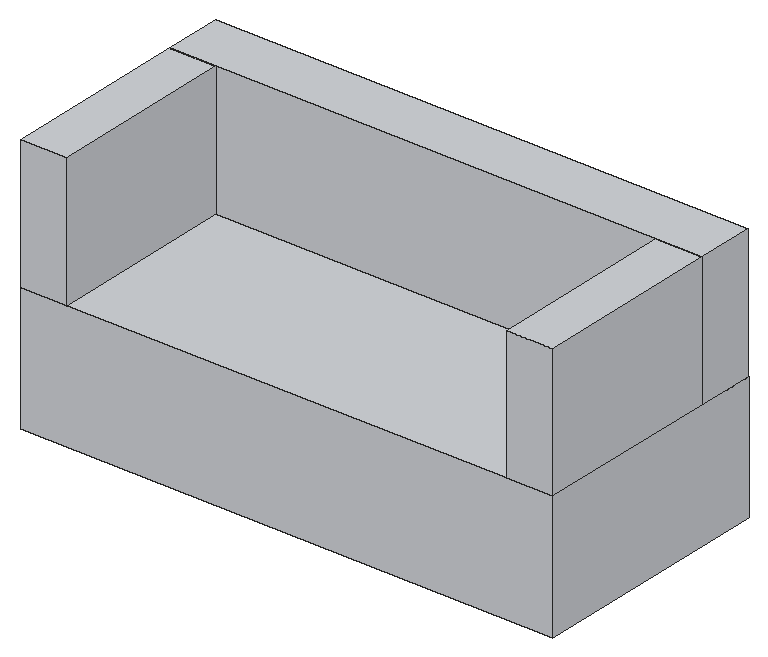
Revit family "LE Sofa", category Furniture, Revit 2018
Family settings
  OmniClass Number = 23.40.20.00
  OmniClass Title = General Furniture and Specialties
  Work Plane-Based = No
  Always vertical = Yes
  Cut with Voids When Loaded = No
  Shared = No
  Room Calculation Point = No
Parameters (values of type "1850x850mm 3 Seat Sofa")
  Width = 1850 mm
  URL = "https://studiole.uk"
  Seats = 3
  Seat Height = 440 mm
  Manufacturer = "LE"
  Line Count = Seats + 1  # 4
  Depth = 850 mm
  Chair Material = none
  Backrest Depth = 200 mm
  Back Height = 900 mm
  Armrest Width = 160 mm
Types (4, lengths in mm): name | Width | Seats | Line Count
  (no name) | 1850 | 3 | 4
  1300x850mm 2 Seat Sofa | 1300 | 2 | 3
  850x850mm Armchair | 850 | 1 | 2
  1850x850mm 3 Seat Sofa | 1850 | 3 | 4
Reference planes
  plane 1 "Center (Front/Back)": y = 0
  plane 2: z = 0
  plane 3 "Center (Left/Right)": x = 0
  plane 4 "Left": x = -925
  plane 5 "Right": x = 925
  plane 6 "Back": y = 425
  plane 7 "Front": y = -425
  plane 8 "Center L/T": y = 225
  plane 9 "Center L/U": x = -765
  plane 10 "Center L/V": x = 765
  plane 11 "Seat Height": z = 440
Forms (mm)
  Extrusion 1, solid, material <- "Chair Material"
    sketch origin (0, 0, 0) x (1, 0, 0) y (0, 1, 0)
      loop
        line (-925, 425) -> (-925, -425) -> (925, -425) -> (925, 425) -> (-925, 425)
    from 0 to 440 <- "Seat Height"
  Extrusion 2, solid, material <- "Chair Material"
    sketch origin (0, 0, 0) x (1, 0, 0) y (0, 1, 0)
      loop
        line (-925, 225) -> (925, 225) -> (925, 425) -> (-925, 425) -> (-925, 225)
    from 440 <- "Seat Height" to 900 <- "Back Height"
  Extrusion 3, solid
    sketch origin (0, 0, 0) x (1, 0, 0) y (0, 1, 0)
      loop
        line (-765, -425) -> (-765, 225) -> (-925, 225) -> (-925, -425) -> (-765, -425)
    from 440 <- "Seat Height" to 900 <- "Back Height"
  Extrusion 4, solid
    sketch origin (0, 0, 0) x (1, 0, 0) y (0, 1, 0)
      loop
        line (765, -425) -> (925, -425) -> (925, 225) -> (765, 225) -> (765, -425)
    from 440 <- "Seat Height" to 900 <- "Back Height"
Lines and regions (mm)
  model lines
    curve 1: line (-765, 225, 440) -> (-765, -425, 440)
    curve 2: line (765, 225, 440) -> (765, -425, 440)
    curve 3: line (-255, 225, 440) -> (-255, -425, 440)
    curve 4: line (255, 225, 440) -> (255, -425, 440)
Dimensions and locks
  equal spacing: plane 4 "Left", plane 3 "Center (Left/Right)", plane 5 "Right"
  "Width": plane 4 "Left" to plane 5 "Right"
  "Depth": plane 7 "Front" to plane 6 "Back"
  equal spacing: plane 7 "Front", plane 1 "Center (Front/Back)", plane 6 "Back"
  "Backrest Depth": plane 6 "Back" to plane 8 "Center L/T"
  "Armrest Width": plane 4 "Left" to plane 9 "Center L/U"
  "Armrest Width": plane 10 "Center L/V" to plane 5 "Right"
  "Seat Height": plane 11 "Seat Height" to plane 2
  equal spacing: group 1, group 3, group 4, group 2  (x3)
  locked: plane 9 "Center L/U" to curve 1 at 0
  locked: plane 10 "Center L/V" to curve 2
  aligned and locked: level to plane 2
Automatic sketch dimensions
  Extrusion 1 sketch curve to plane 4 "Left" = 0 mm
  Extrusion 1 sketch curve to plane 5 "Right" = 0 mm
  plane 7 "Front" to Extrusion 1 sketch curve = 0 mm
  Extrusion 1 sketch curve to plane 6 "Back" = 0 mm
  Extrusion 2 sketch curve to plane 4 "Left" = 0 mm
  Extrusion 2 sketch curve to plane 5 "Right" = 0 mm
  Extrusion 2 sketch curve to plane 8 "Center L/T" = 0 mm
  Extrusion 2 sketch curve to plane 6 "Back" = 0 mm
  Extrusion 3 sketch curve to plane 4 "Left" = 0 mm
  Extrusion 3 sketch curve to plane 8 "Center L/T" = 0 mm
  Extrusion 3 sketch curve to plane 9 "Center L/U" = 0 mm
  plane 7 "Front" to Extrusion 3 sketch curve = 0 mm
  Extrusion 4 sketch curve to plane 8 "Center L/T" = 0 mm
  Extrusion 4 sketch curve to plane 10 "Center L/V" = 0 mm
  Extrusion 4 sketch curve to plane 5 "Right" = 0 mm
  plane 7 "Front" to Extrusion 4 sketch curve = 0 mm
